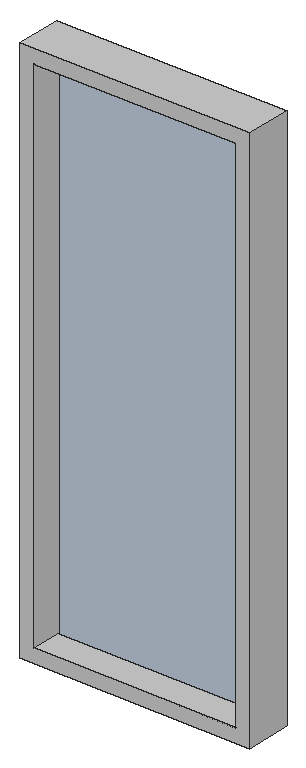
Revit family "0023_M_DR_W_FSD-000", category 문, Revit 2026
Family settings
  호스트 = 벽
  항상 수직 = 예
  로드될 때 보이드를 사용하여 절단 = 아니오
  공유 = 아니오
  룸 계산 점 = 아니오
Parameters (values of type "@h-door_FSD-750")
  패널폭 = 690 mm
  바닥에서 띄움 = 300 mm
  두께 = 45 mm
  높이 = 1800 mm
  벽 마무리 = 호스트별
  폭 = 750 mm
  Function = (empty or 0)
  Assembly Code = ""
Reference planes
  plane 1: y = 0
  plane 2 "중심(왼쪽/오른쪽)": x = 0
  plane 3 "좌측면": x = -375
  plane 4 "오른쪽": x = 375
  plane 5 "외부": y = 100
  plane 6 "내부": y = -100
  plane 7: z = 2100
  plane 8: z = 300
Forms (mm)
  Sweep 1, solid, material "Steel"
    path in 3D
      loop
        line (375, 100, 2100) -> (375, 100, 300) -> (-375, 100, 300) -> (-375, 100, 2100) -> (375, 100, 2100)
    profile origin (0, 100, 2100) x (0, -1, 0) y (0, 0, -1)
      loop
        line (0, 0) -> (150, 0) -> (150, 45) -> (50, 45) -> (50, 30) -> (0, 30) -> (0, 0)
  Extrusion 2, solid, material "@h-Steel_Door1"
    sketch origin (345, 100, 330) x (-1, 0, 0) y (0, -1, 0)
      loop
        line (690, 50) -> (0, 50) -> (0, 0) -> (690, 0) -> (690, 50)
    from 0 to 1740
Lines and regions (mm)
  Opening 1
    outline origin (-3050, -100, 0) x (1, 0, 0) y (0, 0, 1)
      loop
        line (2675, 300) -> (3425, 300) -> (3425, 2100) -> (2675, 2100) -> (2675, 300)
  sketch lines
    curve 1: line (-375, 100, 2100) -> (375, 100, 2100)
    curve 2: line (-375, 100, 300) -> (-375, 100, 2100)
    curve 3: line (375, 100, 300) -> (-375, 100, 300)
    curve 4: line (375, 100, 2100) -> (375, 100, 300)
  symbolic lines, style "입면도 스윙"
    curve 5: line (375, -100, 2100) -> (-375, -100, 1200)
    curve 6: line (-375, -100, 1200) -> (375, -100, 300)
  symbolic lines, style "DoorsPanelProjection"
    curve 7: line (-345, 100, 0) -> (142.904, 587.904, 0)
    curve 8: line (-313.18, 68.18, 0) -> (174.723, 556.084, 0)
    curve 9: line (-345, 100, 0) -> (-313.18, 68.18, 0)
    curve 10: line (142.904, 587.904, 0) -> (174.723, 556.084, 0)
  symbolic lines, style "평면도 스윙"
    curve 11: arc (345, 100, 0) -> (300.752, 343.113, 0) -> (173.685, 555.045, 0) r 690
  symbolic lines
    curve 12: line (-375, 100, 0) -> (-375, -50, 0)
    curve 13: line (-345, 100, 0) -> (-345, 50, 0)
    curve 14: line (375, 100, 0) -> (-375, 100, 0)
    curve 15: line (-345, 50, 0) -> (345, 50, 0)
    curve 16: line (-330, -50, 0) -> (-330, 50, 0)
    curve 17: line (-375, -50, 0) -> (375, -50, 0)
    curve 18: line (330, 50, 0) -> (330, -50, 0)
    curve 19: line (345, 50, 0) -> (345, 100, 0)
    curve 20: line (375, -50, 0) -> (375, 100, 0)
Text (mm)
  text "외부" at (-2295.016, 1099.543, 0), in view "참조 레벨"
  text "외부" at (0, 1615.38, 3698.081), in view "좌측면"
  text "외부" at (0, 1036.032, 3874.932), in view "오른쪽"
Dimensions and locks
  equal spacing: plane 3 "좌측면", plane 2 "중심(왼쪽/오른쪽)", plane 4 "오른쪽"
  "폭": plane 3 "좌측면" to plane 4 "오른쪽"
  locked: plane 5 "외부" to host wall at 0
  locked: plane 6 "내부" to host wall
  "바닥에서 띄움": level to plane 8
  equal spacing: plane 7, curve 6, plane 8, locked at 900 each
  "두께": curve 8 to curve 7
  "패널폭": curve 9 to curve 10
  aligned and locked: plane 3 "좌측면" to Opening 1 sketch curve
  aligned and locked: Opening 1 sketch curve to plane 4 "오른쪽"
  aligned and locked: plane 1 to host wall
  aligned and locked: Sweep 1 to host wall
Automatic sketch dimensions
  Opening 1 sketch curve to plane 8 = 0 mm
  Opening 1 sketch curve to plane 7 = 0 mm
  Sweep 1 sketch curve to profile plane = 0 mm  (x2)
  Sweep 1 sketch curve to profile plane = 50 mm
  Sweep 1 sketch curve to Sweep 1 sketch curve = 100 mm
  profile plane to Sweep 1 sketch curve = 30 mm
  Sweep 1 sketch curve to Sweep 1 sketch curve = 15 mm
  Extrusion 2 sketch curve to Sweep 1 = 0 mm  (x4)
  curve 5 to plane 3 "좌측면" = 0 mm
  curve 6 to plane 4 "오른쪽" = 0 mm
  curve 5 to plane 4 "오른쪽" = 0 mm
  curve 6 to plane 8 = 0 mm
  curve 5 to plane 7 = 0 mm
  curve 9 to host wall = 0 mm
  curve 11 to plane 3 "좌측면" = 30 mm
  curve 9 to curve 11 = 0 mm
  curve 7 to curve 9 = 31.82 mm
  curve 11 to curve 8 = 1.039 mm
  plane 4 "오른쪽" to curve 11 = 30 mm
  curve 12 to plane 3 "좌측면" = 0 mm
  host wall to curve 12 = 50 mm
  curve 13 to curve 8 = 18.18 mm
  curve 14 to plane 4 "오른쪽" = 0 mm
  plane 4 "오른쪽" to curve 15 = 30 mm
  curve 12 to curve 16 = 45 mm
  plane 4 "오른쪽" to curve 18 = 45 mm
  curve 20 to host wall = 0 mm
